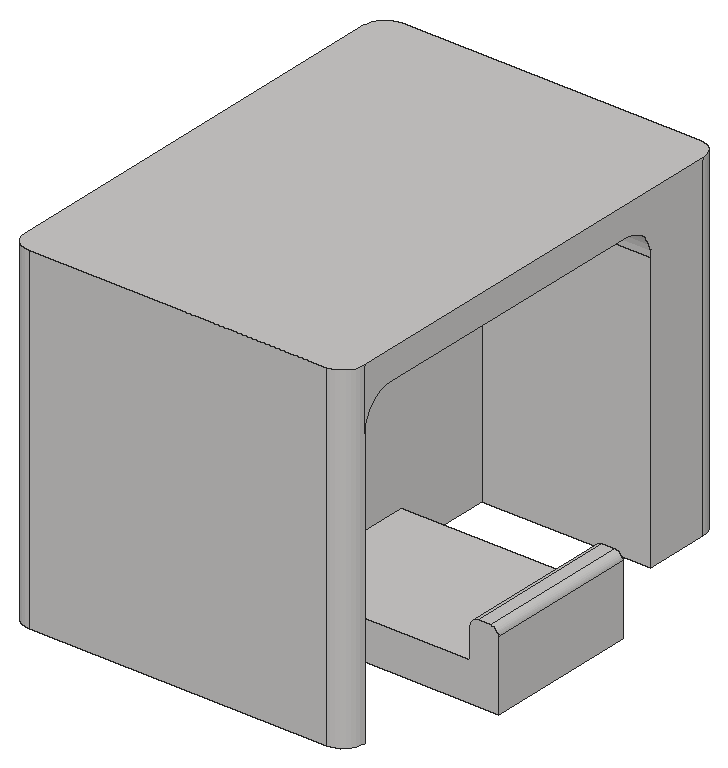
Revit family "SA-2506", category Plumbing Fixtures, host Wall, Revit 2023
Family settings
  Host = Wall
  Round Connector Dimension = Use Diameter
  Part Type = Normal
  OmniClass Number = 23.45.00.00
  OmniClass Title = Sanitary, Laundry, and Cleaning Equipment
  Enable Cutting in Views = No
  Always vertical = Yes
  Cut with Voids When Loaded = No
  Maintain Annotation Orientation = No
  Shared = No
  Room Calculation Point = No
Parameters
  Default Elevation = 0"
Reference planes (in)
  plane 1: y = 0
  plane 2 "Center (Left/Right)": x = -0.47711
  plane 3 "Back": y = 3
  plane 4: x = 0.61664
  plane 5: x = -1.57086
  plane 6: y = -3
  plane 7: y = -6.00237
Forms (in)
  Extrusion 1, solid, material "stainless steel"
    sketch origin (-0.47711, -5.59603, 0) x (1, 0, 0) y (0, 1, 0)
      loop
        arc (-0.9584, 2.59603) -> (-1.05411, 2.55638) -> (-1.09375, 2.46068) r 0.13535
        line (-1.09375, 2.46068) -> (-1.09375, -0.27099)
        arc (-1.09375, -0.27099) -> (-1.05411, -0.3667) -> (-0.9584, -0.40634) r 0.13535
        line (-0.9584, -0.40634) -> (0.9584, -0.40634)
        arc (0.9584, -0.40634) -> (1.05411, -0.3667) -> (1.09375, -0.27099) r 0.13535
        line (1.09375, -0.27099) -> (1.09375, 2.46068)
        arc (1.09375, 2.46068) -> (1.05411, 2.55638) -> (0.9584, 2.59603) r 0.13535
        line (0.9584, 2.59603) -> (-0.9584, 2.59603)
    from 0 to 2.1875
  Extrusion 2, void
    sketch origin (-0.47711, 0, 0) x (0, 1, 0) y (0, 0, 1)
      loop
        arc (-5.66344, 2) -> (-5.80739, 1.94037) -> (-5.86702, 1.79642) r 0.20358
        line (-5.86702, 1.79642) -> (-5.86702, 0) -> (-3.55452, 0) -> (-3.55452, 1.79642)
        arc (-3.55452, 1.79642) -> (-3.61414, 1.94037) -> (-3.7581, 2) r 0.20358
        line (-3.7581, 2) -> (-5.66344, 2)
    from 0 to 1.09375
  Extrusion 3, solid, material "stainless steel"
    sketch origin (-60, 3, 0) x (-1, 0, 0) y (0, 0, 1)
      loop
        line (-60.82679, 0.5) -> (-60.90548, 0.5)
        arc (-60.90548, 0.5) -> (-60.94247, 0.48468) -> (-60.95779, 0.44769) r 0.05231
        line (-60.95779, 0.44769) -> (-60.95779, 0) -> (-59.52289, 0) -> (-59.52289, 0.25) -> (-60.77448, 0.25) -> (-60.77448, 0.44769)
        arc (-60.77448, 0.44769) -> (-60.7898, 0.48468) -> (-60.82679, 0.5) r 0.05231
    from -8.21077 to -7.21077
Cuts and joins
  Extrusion 2 cuts Extrusion 1
Text (in)
  text "Placement Side" at (0, 40.15149, 123.01588), in view "Right"
  text "Placement Side" at (-70.3804, 45.82615, 0), in view "Ref. Level"
  text "Placement Side" at (0, 47.49176, 113.10569), in view "Left"
Dimensions and locks (in)
  locked: plane 3 "Back" to host wall
  plane 5 to plane 4 = 2 3/16"  (x2)
  plane 7 to plane 6 = 3.00237"
  cut or joined group of Extrusion 1, Extrusion 2 to cut or joined group of Extrusion 1, Extrusion 2 = 2 5/16"
  cut or joined group of Extrusion 1, Extrusion 2 to cut or joined group of Extrusion 1, Extrusion 2 = 2"
  cut or joined group of Extrusion 1, Extrusion 2 to cut or joined group of Extrusion 1, Extrusion 2 = 2 3/16"
